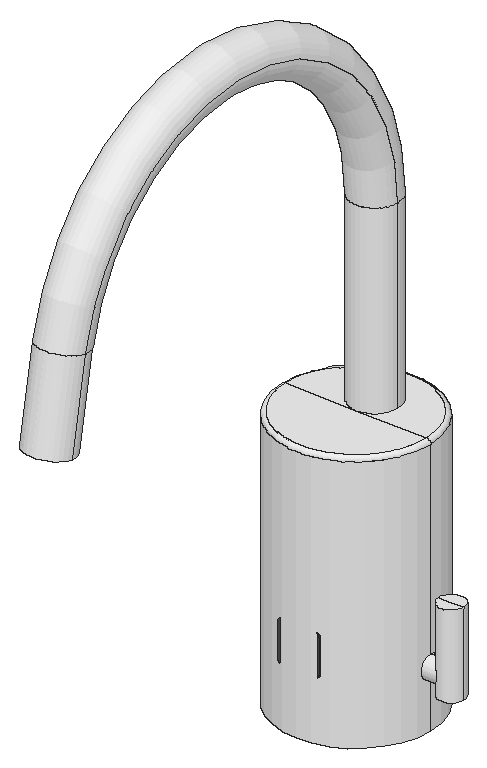
Revit family
Parameters (values of type "EAF-700-ISM")
  Waste Connection = no
  Warranty Information = "3 Year (Limited)"
  Vent Connection = no
  URL = "http://www.sloanvalve.com"
  Revised Date = "24/05/2013"
  Product URL = "http://www.sloanvalve.com/Our_Products/EAF_Gooseneck_Faucet.aspx"
  Price = "Prices may vary. Please consult Sloan Rep for most up-to-date price list."
  Phone # = "416-250-5656"
  Operation = "Sensor-Activated"
  Mounting = "Deck-Mount"
  Model = "EAF-700-ISM"
  Manufacturer = "SLOAN"
  ISM Location = 2 9/16"
  IAPMO Certification = "cUPC Low Lead"
  HW Connection = no
  Flush Volume(s)/Flow Rate(s) = "1.5 gpm(5.7Lpm)"
  Fixture Material = Chrome Plated
  Fixture Color = "Not Applicable"
  Designed By = "ATS BIM Team"
  Description = "120 VAC/6.75 VDC Line Powered, Sensor Activated, Electronic Hand Washing Faucet for pre-tempered or hot and cold water operation with integral spout temperature mixer."
  Default Elevation = 0"
  CW Connection = no
  Assembly Code = "D2010300"
  ADA Compliant = yes
Types (3): name | Model | ISM Location | Description
  (no name) | "EAF-700-ISM" | 2 9/16" | "120 VAC/6.75 VDC Line Powered, Sensor Activated, Electronic Hand Washing Faucet for pre-tempered or hot and cold water operation with integral spout temperature mixer."
  EAF-700-ISM | "EAF-700-ISM" | 2 9/16" | "120 VAC/6.75 VDC Line Powered, Sensor Activated, Electronic Hand Washing Faucet for pre-tempered or hot and cold water operation with integral spout temperature mixer."
  EAF-700 | "EAF-700" | 1/4" | "120 VAC/6.75 VDC Line Powered, Sensor Activated, Electronic Hand Washing Faucet for pre-tempered or hot and cold water operation."
Reference planes (in)
  plane 1 "Center (Front/Back)": y = 0
  plane 2: z = 0
  plane 3 "Center (Left/Right)": x = 0
  plane 4: x = -1.125
  plane 5: x = 1.125
  plane 6: z = 3.9375
  plane 7: z = 10.03906
  plane 8: x = 1.4375
  plane 9: z = 5.9375
  plane 10: through (0, -5.88799, 5.33214) normal (0, -0.9848, 0.1736)
  plane 11: y = 1.125
  plane 12: y = -1.125
  plane 13: y = -5.78125
Forms (in)
  Revolve 1, solid, material "Chrome Plated" <- "Fixture Material"
    sketch origin (0, 0, 0) x (1, 0, 0) y (0, 0, 1)
      loop
        line (1.4375, 1.84812) -> (1.4375, 0.59812) -> (1.62708, 0.59812) -> (1.62708, 1.84812) -> (1.4375, 1.84812)
      axis (1.4375, 1.84812) -> (1.4375, 0.59812)
    angle from 0 to 360
  Revolve 2, solid, material "Chrome Plated" <- "Fixture Material"
    sketch origin (0, 0, 0) x (1, 0, 0) y (0, 0, 1)
      loop
        line (0.46305, 1.04422) -> (0.46305, 0.87594) -> (1.4375, 0.87594) -> (1.4375, 1.04422) -> (0.46305, 1.04422)
      axis (1.4375, 0.87594) -> (0.46305, 0.87594)
    angle from 0 to 360
  Revolve 3, solid, material "Chrome Plated" <- "Fixture Material"
    sketch origin (0, 0, 0) x (1, 0, 0) y (0, 0, 1)
      loop
        line (0, 3.9375) -> (-1.0625, 3.9375)
        arc (-1.0625, 3.9375) -> (-1.10669, 3.91919) -> (-1.125, 3.875) r 0.0625
        line (-1.125, 3.875) -> (-1.125, 0) -> (0, 0) -> (0, 3.9375)
      axis (0, 3.9375) -> (0, 0)
    angle from 0 to 360
  Extrusion 4, solid
    sketch origin (0, 0.04509, 0) x (1, 0, 0) y (0, 0, 1)
      loop
        arc (-0.25113, 1.51469) -> (-0.29532, 1.49638) -> (-0.31363, 1.45219) r 0.0625
        line (-0.31363, 1.45219) -> (-0.31363, 0.95219)
        arc (-0.31363, 0.95219) -> (-0.29532, 0.90799) -> (-0.25113, 0.88969) r 0.0625
        line (-0.25113, 0.88969) -> (0.25113, 0.88969)
        arc (0.25113, 0.88969) -> (0.29532, 0.90799) -> (0.31363, 0.95219) r 0.0625
        line (0.31363, 0.95219) -> (0.31363, 1.45219)
        arc (0.31363, 1.45219) -> (0.29532, 1.49638) -> (0.25113, 1.51469) r 0.0625
        line (0.25113, 1.51469) -> (-0.25113, 1.51469)
    from 1.07259 to 1.13066
  Extrusion 5, solid, material "Chrome Plated" <- "Fixture Material"
    sketch origin (0, 0, 0) x (1, 0, 0) y (0, 0, 1)
      loop
        circle (0, 1.97003) r 0.09247
    from 0.99802 to 1.08556
  Sweep 6, solid, material "Chrome Plated" <- "Fixture Material"
    path origin (0, 0, 0) x (0, 1, 0) y (0, 0, 1)
      loop
        line (-5.78125, 5.9375) -> (-5.53624, 7.25967)
        arc (-5.53624, 7.25967) -> (-2.34559, 9.67505) -> (0.35156, 6.71875) r 2.96875
        line (0.35156, 6.71875) -> (0.35156, 3.9375)
    profile origin (0, 0.35156, 5.32812) x (1, 0, 0) y (0, 1, 0)
      loop
        circle (0, 0) r 0.35156
Cuts and joins
  joined: Revolve 1, Revolve 2, Revolve 3, Sweep 6
Dimensions and locks (in)
  level to plane 6 = 3 15/16"
  plane 9 to level = 5 15/16"
  plane 11 to plane 12 = 2 1/4"
  locked: Revolve 1 sketch curve to Revolve 1 sketch curve at 0.18958
  locked: plane 4 to plane 5 at 2.25
  "ISM Location": plane 4 to plane 8
  plane 1 "Center (Front/Back)" to plane 13 = 5 25/32"
  level to plane 7 = 10 5/128"
  angle plane 13 to plane 10 = 10.00°
Automatic sketch dimensions
  Revolve 1 sketch curve to plane 8 = 0"  (x2)
  level to Revolve 1 sketch curve = 0.59812"
  Revolve 1 sketch curve to Revolve 1 sketch curve = 0.69275"
  Revolve 1 sketch curve to Revolve 1 sketch curve = 0.16444"
  Revolve 1 sketch curve to Revolve 1 sketch curve = 0.39282"
  Revolve 2 sketch curve to plane 8 = 0"
  Revolve 2 sketch curve to plane 5 = 0.17473"
  Revolve 2 sketch curve to Revolve 2 sketch curve = 1/4"
  Revolve 2 sketch curve to Revolve 2 sketch curve = 0.23723"
  level to Revolve 2 sketch curve = 0.87594"
  Revolve 2 sketch curve to Revolve 2 sketch curve = 0"
  Revolve 2 sketch curve to Revolve 2 sketch curve = 0.16828"
  Extrusion 4 sketch curve to plane 3 "Center (Left/Right)" = 0.31363"
  Extrusion 4 sketch curve to Extrusion 4 sketch curve = 1/16"  (x3)
  plane 3 "Center (Left/Right)" to Extrusion 4 sketch curve = 0.25113"  (x2)
  level to Extrusion 4 sketch curve = 0.88969"
  Extrusion 4 sketch curve to Extrusion 4 sketch curve = 1/2"
  Extrusion 5 sketch curve to Extrusion 5 sketch curve = 0"  (x2)
  Extrusion 5 sketch curve to plane 3 "Center (Left/Right)" = 0"
  Extrusion 5 sketch curve to Extrusion 5 sketch curve = 0.09247"
  plane 6 to Extrusion 5 sketch curve = 1.96747"
  plane 9 to Sweep 6 sketch curve = 0"
  Sweep 6 sketch curve to plane 10 = 0"
  plane 13 to Sweep 6 sketch curve = 0.24501"
  Sweep 6 sketch curve to plane 9 = 25/32"
  plane 1 "Center (Front/Back)" to Sweep 6 sketch curve = 2 79/128"
  Sweep 6 sketch curve to plane 1 "Center (Front/Back)" = 45/128"
  plane 6 to Sweep 6 sketch curve = 0"
  Sweep 6 sketch curve to plane 3 "Center (Left/Right)" = 0"
  profile plane to Sweep 6 sketch curve = 0"
  plane 4 to Revolve 3 sketch curve = 0"
  Revolve 3 sketch curve to plane 6 = 0"
  Revolve 3 sketch curve to plane 3 "Center (Left/Right)" = 0"  (x2)
  Revolve 3 sketch curve to level = 0"
  Revolve 3 sketch curve to plane 4 = 1/16"
  plane 6 to Revolve 3 sketch curve = 3/4"
  plane 6 to Revolve 3 sketch curve = 1/4"
  radius of Sweep 6 sketch curve = 45/128"
